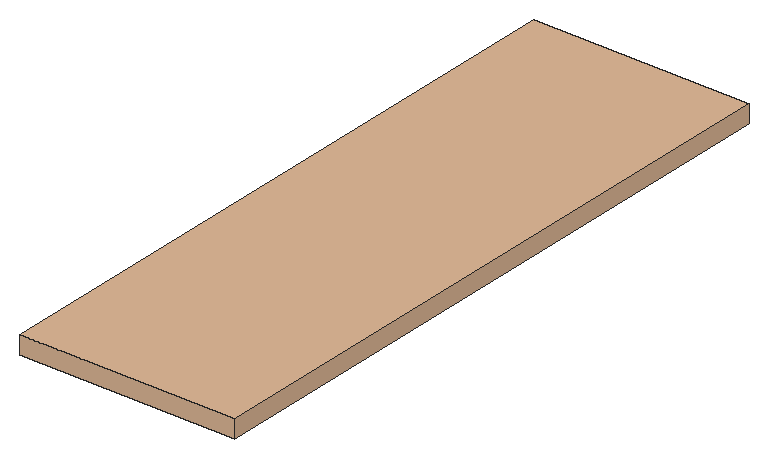
Revit family "Cambio Wall Systems - Decorative - Wood 18x54", category Generic Models, host Face, Revit 2023
Family settings
  Host = Face
  Can host rebar = No
  Round Connector Dimension = Use Diameter
  Part Type = Normal
  Cut with Voids When Loaded = No
  Maintain Annotation Orientation = No
  Shared = No
  Room Calculation Point = No
Parameters (values of type "Wood Slatted - D3")
  Default Elevation = 4' - 0"
  Cambio Material = Cambio Wood Slatted - D3
Types (6): name | Cambio Material
  Wood Veneer - MAPLE | Cambio Wood Veneer - Maple
  Wood Veneer - OAK | Cambio Wood Veneer - Oak
  Wood Veneer - WALNUT | Cambio Wood Veneer - Walnut
  Wood Slatted - D3 | Cambio Wood Slatted - D3
  Wood Slatted - OAK | Cambio Wood Slatted - Oak
  Wood Slatted - WALNUT | Cambio Wood Slatted - Walnut
Reference planes (in)
  plane 1 "Center (Front/Back)": y = 0
  plane 2: z = 0
  plane 3 "Center (Left/Right)": x = 0
  plane 4: z = 0.75
Forms (in)
  Extrusion 1, solid, material "Cambio Wood Slatted - D3" <- "Cambio Material"
    sketch origin (0, 0, 1.5) x (0, -1, 0) y (1, 0, 0)
      loop
        line (-27, -9) -> (27, -9) -> (27, 9) -> (-27, 9) -> (-27, -9)
    from -1.5 to 0
Dimensions and locks (in)
  Extrusion 1 sketch curve to plane 3 "Center (Left/Right)" to Extrusion 1 sketch curve = 0' - 9" locked, 0' - 9" locked
  Extrusion 1 sketch curve to plane 1 "Center (Front/Back)" to Extrusion 1 sketch curve = 2' - 3" locked, 2' - 3" locked
  aligned and locked: plane 2 to host face
  aligned and locked: level to host face
